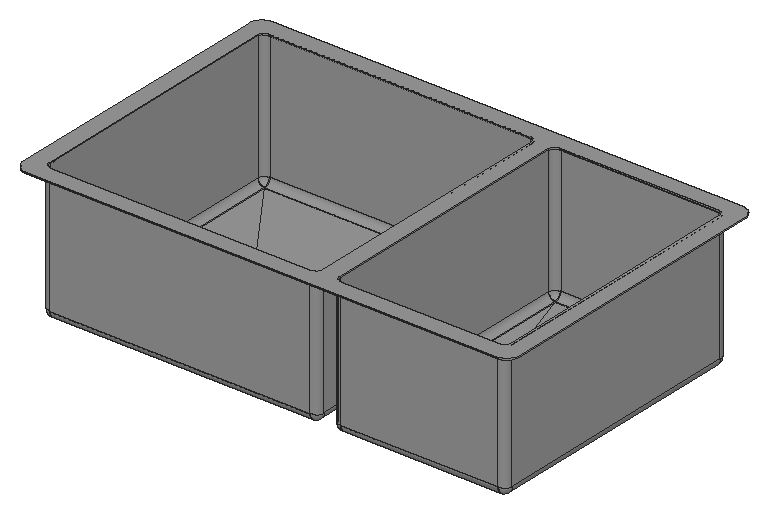
Revit family "BUILDMAT-SNA01011-Clifford-725-Stainless-Steel", category Plumbing Fixtures, host Face, Revit 2020
Family settings
  Host = Face
  Round Connector Dimension = Use Diameter
  Part Type = Normal
  Cut with Voids When Loaded = No
  Shared = No
  Room Calculation Point = No
Parameters (values of type "Clifford 725x450x205mm")
  Width 2 = 250.0 mm
  Width 1 = 400.0 mm
  Undermount [instance] = 20.0 mm
  URL = "https://www.buildmat.com.au/products/725x450x205-single-and-qtr-bowl-sink"
  Sound Pad 2 = no
  Sound Pad 1 = yes
  Model = "SNA01011"  # constant formula
  Manufacturer URL = "https://www.buildmat.com.au/"
  Manufacturer = "BUILDMAT"  # constant formula
  Length = 400.0 mm
  Gap = 25.0 mm
  Drain Sound Pad 2 = yes
  Drain Sound Pad 1 = yes
  Description = "BUILDMAT - Clifford 725x450 Single & 1/4 Bowl Sink"  # constant formula
  Depth = 205.0 mm
  Default Elevation = 1200.0 mm
  D. S. Pad 2 = 75.0 mm
  D. S. Pad 1 = 230.0 mm
  D. Bracket 4 = 100.0 mm
  D. Bracket 3 = 25.0 mm
  D. Bracket 2 = 30.0 mm
  D. Bracket 1 = 100.0 mm
  Created By URL = "https://www.buildmat.com.au/"
  Created By = "BUILDMAT"  # constant formula
  Created = "22.06.2022"  # constant formula
  Bracket 4 = yes
  Bracket 3 = no
  Bracket 2 = yes
  Bracket 1 = yes
  Material = BUILDMAT Stainless Steel
Reference planes
  plane 1 "Center (Front/Back)": y = 0
  plane 2: z = 0
  plane 3 "Center (Left/Right)": x = 0
  plane 4: x = -12.5
  plane 5: x = 12.5
  plane 6: x = -412.5
  plane 7: x = 262.5
  plane 8: y = -200
  plane 9: y = 200
  plane 10: x = -437.5
  plane 11: x = 287.5
  plane 12: y = -225
  plane 13: y = 225
  plane 14: x = 137.5
  plane 15: x = -212.5
  plane 16: y = 190
  plane 17: y = -190
  plane 18: x = -402.5
  plane 19: x = -22.5
  plane 20: x = 22.5
  plane 21: x = 252.5
  plane 22: y = 201.5
  plane 23: y = -201.5
  plane 24: x = -414
  plane 25: x = -11
  plane 26: x = 11
  plane 27: x = 264
  plane 28: x = -269.5
  plane 29: x = -155.5
  plane 30: x = -167.5
  plane 31: x = -257.5
  plane 32: x = 80.5
  plane 33: x = 92.5
  plane 34: x = 182.5
  plane 35: x = 194.5
  plane 36 "Sound Pad 1": x = -182.5
  plane 37 "Sound Pad 2": x = 187.5
  plane 38 "Top Substrate": z = -20
  plane 39: z = -18.5
  plane 40 "Bottom Void": z = -225
  plane 41: z = -215
  plane 42: z = -205
  plane 43: z = -220
  plane 44: z = -221.481
  plane 45: z = -216.5
  plane 46 "Sound Pad": z = -125
  plane 47 "Bracket 1": x = -312.5
  plane 48 "Bracket 2": x = -42.5
  plane 49 "Bracket 3": x = 37.5
  plane 50 "Bracket 4": x = 162.5
  plane 51: y = 100
  plane 52: y = -100
  plane 53: x = -312.5
  plane 54: x = -112.5
  plane 55: x = 37.5
  plane 56: x = 237.5
  plane 57: z = -185
  plane 58: z = -165
Forms (mm)
  Extrusion 1, void
    sketch origin (0, 0, 0) x (1, 0, 0) y (0, 1, 0)
      loop
        arc (-402.5, 200) -> (-409.571, 197.071) -> (-412.5, 190) r 10
        line (-412.5, 190) -> (-412.5, -190)
        arc (-412.5, -190) -> (-409.571, -197.071) -> (-402.5, -200) r 10
        line (-402.5, -200) -> (252.5, -200)
        arc (252.5, -200) -> (259.571, -197.071) -> (262.5, -190) r 10
        line (262.5, -190) -> (262.5, 190)
        arc (262.5, 190) -> (259.571, 197.071) -> (252.5, 200) r 10
        line (252.5, 200) -> (-402.5, 200)
    from 0 to -18.5
  Extrusion 2, void
    sketch origin (0, 0, 0) x (1, 0, 0) y (0, 1, 0)
      loop
        arc (-417.5, 225) -> (-431.642, 219.142) -> (-437.5, 205) r 20
        line (-437.5, 205) -> (-437.5, -205)
        arc (-437.5, -205) -> (-431.642, -219.142) -> (-417.5, -225) r 20
        line (-417.5, -225) -> (267.5, -225)
        arc (267.5, -225) -> (281.642, -219.142) -> (287.5, -205) r 20
        line (287.5, -205) -> (287.5, 205)
        arc (287.5, 205) -> (281.642, 219.142) -> (267.5, 225) r 20
        line (267.5, 225) -> (-417.5, 225)
    from -20 to -18.5
  Extrusion 3, void
    sketch origin (0, 0, 0) x (1, 0, 0) y (0, 1, 0)
      loop
        line (-414, 201.5) -> (-414, -201.5) -> (264, -201.5) -> (264, 201.5) -> (-414, 201.5)
    from -225 to -20
  Extrusion 4, solid, material "BUILDMAT Stainless Steel" <- "Material"
    sketch origin (0, 0, -20) x (-1, 0, 0) y (0, -1, 0)
      loop
        arc (417.5, -225) -> (431.642, -219.142) -> (437.5, -205) r 20
        line (437.5, -205) -> (437.5, 205)
        arc (437.5, 205) -> (431.642, 219.142) -> (417.5, 225) r 20
        line (417.5, 225) -> (-267.5, 225)
        arc (-267.5, 225) -> (-281.642, 219.142) -> (-287.5, 205) r 20
        line (-287.5, 205) -> (-287.5, -205)
        arc (-287.5, -205) -> (-281.642, -219.142) -> (-267.5, -225) r 20
        line (-267.5, -225) -> (417.5, -225)
      loop
        arc (402.5, -200) -> (409.571, -197.071) -> (412.5, -190) r 10
        line (412.5, -190) -> (412.5, 190)
        arc (412.5, 190) -> (409.571, 197.071) -> (402.5, 200) r 10
        line (402.5, 200) -> (22.5, 200)
        arc (22.5, 200) -> (15.429, 197.071) -> (12.5, 190) r 10
        line (12.5, 190) -> (12.5, -190)
        arc (12.5, -190) -> (15.429, -197.071) -> (22.5, -200) r 10
        line (22.5, -200) -> (402.5, -200)
      loop
        line (-12.5, -190) -> (-12.5, 190)
        arc (-12.5, 190) -> (-15.429, 197.071) -> (-22.5, 200) r 10
        line (-22.5, 200) -> (-252.5, 200)
        arc (-252.5, 200) -> (-259.571, 197.071) -> (-262.5, 190) r 10
        line (-262.5, 190) -> (-262.5, -190)
        arc (-262.5, -190) -> (-259.571, -197.071) -> (-252.5, -200) r 10
        line (-252.5, -200) -> (-22.5, -200)
        arc (-22.5, -200) -> (-15.429, -197.071) -> (-12.5, -190) r 10
    from 0 to 1.5
  Extrusion 5, solid, material "BUILDMAT Stainless Steel" <- "Material"
    sketch origin (0, 0, -20) x (-1, 0, 0) y (0, -1, 0)
      loop
        arc (402.5, -200) -> (409.571, -197.071) -> (412.5, -190) r 10
        line (412.5, -190) -> (412.5, 190)
        arc (412.5, 190) -> (409.571, 197.071) -> (402.5, 200) r 10
        line (402.5, 200) -> (22.5, 200)
        arc (22.5, 200) -> (15.429, 197.071) -> (12.5, 190) r 10
        line (12.5, 190) -> (12.5, -190)
        arc (12.5, -190) -> (15.429, -197.071) -> (22.5, -200) r 10
        line (22.5, -200) -> (402.5, -200)
      loop
        arc (402.5, -201.5) -> (410.632, -198.132) -> (414, -190) r 11.5
        line (414, -190) -> (414, 190)
        arc (414, 190) -> (410.632, 198.132) -> (402.5, 201.5) r 11.5
        line (402.5, 201.5) -> (22.5, 201.5)
        arc (22.5, 201.5) -> (14.368, 198.132) -> (11, 190) r 11.5
        line (11, 190) -> (11, -190)
        arc (11, -190) -> (14.368, -198.132) -> (22.5, -201.5) r 11.5
        line (22.5, -201.5) -> (402.5, -201.5)
    from 0 to -185
  Extrusion 6, solid, material "BUILDMAT Stainless Steel" <- "Material"
    sketch origin (0, 0, -20) x (-1, 0, 0) y (0, -1, 0)
      loop
        arc (-22.5, -200) -> (-15.429, -197.071) -> (-12.5, -190) r 10
        line (-12.5, -190) -> (-12.5, 190)
        arc (-12.5, 190) -> (-15.429, 197.071) -> (-22.5, 200) r 10
        line (-22.5, 200) -> (-252.5, 200)
        arc (-252.5, 200) -> (-259.571, 197.071) -> (-262.5, 190) r 10
        line (-262.5, 190) -> (-262.5, -190)
        arc (-262.5, -190) -> (-259.571, -197.071) -> (-252.5, -200) r 10
        line (-252.5, -200) -> (-22.5, -200)
      loop
        line (-11, -190) -> (-11, 190)
        arc (-11, 190) -> (-14.368, 198.132) -> (-22.5, 201.5) r 11.5
        line (-22.5, 201.5) -> (-252.5, 201.5)
        arc (-252.5, 201.5) -> (-260.632, 198.132) -> (-264, 190) r 11.5
        line (-264, 190) -> (-264, -190)
        arc (-264, -190) -> (-260.632, -198.132) -> (-252.5, -201.5) r 11.5
        line (-252.5, -201.5) -> (-22.5, -201.5)
        arc (-22.5, -201.5) -> (-14.368, -198.132) -> (-11, -190) r 11.5
    from 0 to -185
  Extrusion 7, solid, material "BUILDMAT Stainless Steel" <- "Material"
    sketch origin (0, 0, 0) x (1, 0, 0) y (0, 0, 1)
      loop
        line (-412.5, -205) -> (-414, -205)
        arc (-414, -205) -> (-410.632, -213.132) -> (-402.5, -216.5) r 11.5
        line (-402.5, -216.5) -> (-402.5, -215)
        arc (-402.5, -215) -> (-409.571, -212.071) -> (-412.5, -205) r 10
    from -190 to 190
  Extrusion 8, solid, material "BUILDMAT Stainless Steel" <- "Material"
    sketch origin (0, 0, 0) x (1, 0, 0) y (0, 0, 1)
      loop
        arc (-12.5, -205) -> (-15.429, -212.071) -> (-22.5, -215) r 10
        line (-22.5, -215) -> (-22.5, -216.5)
        arc (-22.5, -216.5) -> (-14.368, -213.132) -> (-11, -205) r 11.5
        line (-11, -205) -> (-12.5, -205)
    from -190 to 190
  Extrusion 9, solid, material "BUILDMAT Stainless Steel" <- "Material"
    sketch origin (0, 0, 0) x (1, 0, 0) y (0, 0, 1)
      loop
        line (12.5, -205) -> (11, -205)
        arc (11, -205) -> (14.368, -213.132) -> (22.5, -216.5) r 11.5
        line (22.5, -216.5) -> (22.5, -215)
        arc (22.5, -215) -> (15.429, -212.071) -> (12.5, -205) r 10
    from -190 to 190
  Extrusion 10, solid, material "BUILDMAT Stainless Steel" <- "Material"
    sketch origin (0, 0, 0) x (1, 0, 0) y (0, 0, 1)
      loop
        arc (262.5, -205) -> (259.571, -212.071) -> (252.5, -215) r 10
        line (252.5, -215) -> (252.5, -216.5)
        arc (252.5, -216.5) -> (260.632, -213.132) -> (264, -205) r 11.5
        line (264, -205) -> (262.5, -205)
    from -190 to 190
  Extrusion 11, solid, material "BUILDMAT Stainless Steel" <- "Material"
    sketch origin (0, 0, 0) x (0, 1, 0) y (0, 0, 1)
      loop
        line (201.5, -205) -> (200, -205)
        arc (200, -205) -> (197.071, -212.071) -> (190, -215) r 10
        line (190, -215) -> (190, -216.5)
        arc (190, -216.5) -> (198.132, -213.132) -> (201.5, -205) r 11.5
    from 22.5 to 252.5
  Extrusion 12, solid, material "BUILDMAT Stainless Steel" <- "Material"
    sketch origin (0, 0, 0) x (0, 1, 0) y (0, 0, 1)
      loop
        line (-200, -205) -> (-201.5, -205)
        arc (-201.5, -205) -> (-198.132, -213.132) -> (-190, -216.5) r 11.5
        line (-190, -216.5) -> (-190, -215)
        arc (-190, -215) -> (-197.071, -212.071) -> (-200, -205) r 10
    from 22.5 to 252.5
  Extrusion 13, solid, material "BUILDMAT Stainless Steel" <- "Material"
    sketch origin (0, 0, 0) x (0, 1, 0) y (0, 0, 1)
      loop
        arc (200, -205) -> (197.071, -212.071) -> (190, -215) r 10
        line (190, -215) -> (190, -216.5)
        arc (190, -216.5) -> (198.132, -213.132) -> (201.5, -205) r 11.5
        line (201.5, -205) -> (200, -205)
    from -402.5 to -22.5
  Extrusion 14, solid, material "BUILDMAT Stainless Steel" <- "Material"
    sketch origin (0, 0, 0) x (0, 1, 0) y (0, 0, 1)
      loop
        line (-200, -205) -> (-201.5, -205)
        arc (-201.5, -205) -> (-198.132, -213.132) -> (-190, -216.5) r 11.5
        line (-190, -216.5) -> (-190, -215)
        arc (-190, -215) -> (-197.071, -212.071) -> (-200, -205) r 10
    from -402.5 to -22.5
  Revolve 15, solid, material "BUILDMAT Stainless Steel" <- "Material"
    sketch origin (-423.435, 190, 4000) x (-1, 0, 0) y (0, 0, 1)
      loop
        arc (-10.935, -4205) -> (-13.864, -4212.071) -> (-20.935, -4215) r 10
        line (-20.935, -4215) -> (-20.935, -4216.5)
        arc (-20.935, -4216.5) -> (-12.804, -4213.132) -> (-9.435, -4205) r 11.5
        line (-9.435, -4205) -> (-10.935, -4205)
      axis (-20.935, -4205) -> (-20.935, -4216.5)
    angle from -90 to 0
  Revolve 16, solid, material "BUILDMAT Stainless Steel" <- "Material"
    sketch origin (-423.435, 190, 4000) x (-1, 0, 0) y (0, 0, 1)
      loop
        line (-410.935, -4205) -> (-412.435, -4205)
        arc (-412.435, -4205) -> (-409.067, -4213.132) -> (-400.935, -4216.5) r 11.5
        line (-400.935, -4216.5) -> (-400.935, -4215)
        arc (-400.935, -4215) -> (-408.006, -4212.071) -> (-410.935, -4205) r 10
      axis (-400.935, -4205) -> (-400.935, -4216.5)
    angle from -90 to 0
  Revolve 17, solid, material "BUILDMAT Stainless Steel" <- "Material"
    sketch origin (-423.435, 190, 4000) x (-1, 0, 0) y (0, 0, 1)
      loop
        arc (-435.935, -4205) -> (-438.864, -4212.071) -> (-445.935, -4215) r 10
        line (-445.935, -4215) -> (-445.935, -4216.5)
        arc (-445.935, -4216.5) -> (-437.804, -4213.132) -> (-434.435, -4205) r 11.5
        line (-434.435, -4205) -> (-435.935, -4205)
      axis (-445.935, -4205) -> (-445.935, -4216.5)
    angle from -90 to 0
  Revolve 18, solid, material "BUILDMAT Stainless Steel" <- "Material"
    sketch origin (-423.435, 190, 4000) x (-1, 0, 0) y (0, 0, 1)
      loop
        line (-685.935, -4205) -> (-687.435, -4205)
        arc (-687.435, -4205) -> (-684.067, -4213.132) -> (-675.935, -4216.5) r 11.5
        line (-675.935, -4216.5) -> (-675.935, -4215)
        arc (-675.935, -4215) -> (-683.006, -4212.071) -> (-685.935, -4205) r 10
      axis (-675.935, -4205) -> (-675.935, -4216.5)
    angle from -90 to 0
  Revolve 19, solid, material "BUILDMAT Stainless Steel" <- "Material"
    sketch origin (-423.435, -190, 4000) x (-1, 0, 0) y (0, 0, 1)
      loop
        arc (-10.935, -4205) -> (-13.864, -4212.071) -> (-20.935, -4215) r 10
        line (-20.935, -4215) -> (-20.935, -4216.5)
        arc (-20.935, -4216.5) -> (-12.804, -4213.132) -> (-9.435, -4205) r 11.5
        line (-9.435, -4205) -> (-10.935, -4205)
      axis (-20.935, -4205) -> (-20.935, -4216.5)
    angle from 0 to 90
  Revolve 20, solid, material "BUILDMAT Stainless Steel" <- "Material"
    sketch origin (-423.435, -190, 4000) x (-1, 0, 0) y (0, 0, 1)
      loop
        arc (-412.435, -4205) -> (-409.067, -4213.132) -> (-400.935, -4216.5) r 11.5
        line (-400.935, -4216.5) -> (-400.935, -4215)
        arc (-400.935, -4215) -> (-408.006, -4212.071) -> (-410.935, -4205) r 10
        line (-410.935, -4205) -> (-412.435, -4205)
      axis (-400.935, -4205) -> (-400.935, -4216.5)
    angle from 0 to 90
  Revolve 21, solid, material "BUILDMAT Stainless Steel" <- "Material"
    sketch origin (-423.435, -190, 4000) x (-1, 0, 0) y (0, 0, 1)
      loop
        line (-434.435, -4205) -> (-435.935, -4205)
        arc (-435.935, -4205) -> (-438.864, -4212.071) -> (-445.935, -4215) r 10
        line (-445.935, -4215) -> (-445.935, -4216.5)
        arc (-445.935, -4216.5) -> (-437.804, -4213.132) -> (-434.435, -4205) r 11.5
      axis (-445.935, -4205) -> (-445.935, -4216.5)
    angle from 0 to 90
  Revolve 22, solid, material "BUILDMAT Stainless Steel" <- "Material"
    sketch origin (-423.435, -190, 4000) x (-1, 0, 0) y (0, 0, 1)
      loop
        arc (-687.435, -4205) -> (-684.067, -4213.132) -> (-675.935, -4216.5) r 11.5
        line (-675.935, -4216.5) -> (-675.935, -4215)
        arc (-675.935, -4215) -> (-683.006, -4212.071) -> (-685.935, -4205) r 10
        line (-685.935, -4205) -> (-687.435, -4205)
      axis (-675.935, -4205) -> (-675.935, -4216.5)
    angle from 0 to 90
  Extrusion 23, solid, material "BUILDMAT Stainless Steel" <- "Material"
    sketch origin (0, 0, -20) x (-1, 0, 0) y (0, -1, 0)
      loop
        line (22.5, -190) -> (402.5, -190) -> (402.5, 190) -> (22.5, 190) -> (22.5, -190)
    from -196.5 to -195
  Extrusion 24, solid, material "BUILDMAT Stainless Steel" <- "Material"
    sketch origin (0, 0, -20) x (-1, 0, 0) y (0, -1, 0)
      loop
        line (-22.5, -190) -> (-22.5, 190) -> (-252.5, 190) -> (-252.5, -190) -> (-22.5, -190)
    from -196.5 to -195
  Blend 25, solid, material "BUILDMAT Stainless Steel" <- "Material"
    base sketch origin (0, 0, -20) x (-1, 0, 0) y (0, -1, 0)
      loop
        circle (212.5, 0) r 57
    top sketch origin (0, 0, -20) x (-1, 0, 0) y (0, -1, 0)
      loop
        line (402.5, -190) -> (402.5, 190) -> (22.5, 190) -> (22.5, -190) -> (402.5, -190)
    from -201.481 to -196.5
  Blend 26, solid, material "BUILDMAT Stainless Steel" <- "Material"
    base sketch origin (0, 0, -20) x (-1, 0, 0) y (0, -1, 0)
      loop
        circle (-137.5, 0) r 57
    top sketch origin (0, 0, -20) x (-1, 0, 0) y (0, -1, 0)
      loop
        line (-22.5, -190) -> (-22.5, 190) -> (-252.5, 190) -> (-252.5, -190) -> (-22.5, -190)
    from -201.481 to -196.5
  Blend 27, void
    base sketch origin (0, 0, -20) x (-1, 0, 0) y (0, -1, 0)
      loop
        circle (212.5, 0) r 57
    top sketch origin (0, 0, -20) x (-1, 0, 0) y (0, -1, 0)
      loop
        line (402.5, -190) -> (402.5, 190) -> (22.5, 190) -> (22.5, -190) -> (402.5, -190)
    from -200 to -195
  Blend 28, void
    base sketch origin (0, 0, -20) x (-1, 0, 0) y (0, -1, 0)
      loop
        circle (-137.5, 0) r 57
    top sketch origin (0, 0, -20) x (-1, 0, 0) y (0, -1, 0)
      loop
        line (-22.5, -190) -> (-22.5, 190) -> (-252.5, 190) -> (-252.5, -190) -> (-22.5, -190)
    from -200 to -195
  Extrusion 29, void
    sketch origin (0, 0, -225) x (-1, 0, 0) y (0, -1, 0)
      loop
        circle (212.5, 0) r 57
    from 0 to 5
  Extrusion 30, void
    sketch origin (0, 0, -225) x (-1, 0, 0) y (0, -1, 0)
      loop
        circle (-137.5, 0) r 57
    from 0 to 5
  Revolve 31, solid, material "BUILDMAT Stainless Steel" <- "Material"
    sketch origin (0, 0, 0) x (1, 0, 0) y (0, 0, 1)
      loop
        spline (-269.5, -220) -> (-269.397, -220.653) -> (-269.091, -221.294) -> (-268.587, -221.913) -> (-267.892, -222.5) -> (-267.02, -223.044) -> (-265.985, -223.536) -> (-264.805, -223.967) -> (-263.5, -224.33) -> (-262.092, -224.619) -> (-260.606, -224.83) -> (-259.066, -224.957) -> (-257.5, -225)
        line (-257.5, -225) -> (-257.5, -223.5)
        spline (-257.5, -223.5) -> (-258.871, -223.47) -> (-260.218, -223.381) -> (-261.518, -223.234) -> (-262.75, -223.031) -> (-263.892, -222.777) -> (-264.925, -222.475) -> (-265.83, -222.131) -> (-266.593, -221.75) -> (-267.201, -221.339) -> (-267.642, -220.906) -> (-267.91, -220.457) -> (-268, -220)
        line (-268, -220) -> (-269.5, -220)
      axis (-212.5, -225) -> (-212.5, -220)
    angle from 0 to 360
  Revolve 32, solid, material "BUILDMAT Stainless Steel" <- "Material"
    sketch origin (0, 0, 0) x (1, 0, 0) y (0, 0, 1)
      loop
        line (194.5, -220) -> (193, -220)
        spline (193, -220) -> (192.91, -220.457) -> (192.642, -220.906) -> (192.201, -221.339) -> (191.593, -221.75) -> (190.83, -222.131) -> (189.925, -222.475) -> (188.892, -222.777) -> (187.75, -223.031) -> (186.518, -223.234) -> (185.218, -223.381) -> (183.871, -223.47) -> (182.5, -223.5)
        line (182.5, -223.5) -> (182.5, -225)
        spline (182.5, -225) -> (184.066, -224.957) -> (185.606, -224.83) -> (187.092, -224.619) -> (188.5, -224.33) -> (189.805, -223.967) -> (190.985, -223.536) -> (192.02, -223.044) -> (192.892, -222.5) -> (193.587, -221.913) -> (194.091, -221.294) -> (194.397, -220.653) -> (194.5, -220)
      axis (137.5, -220) -> (137.5, -225)
    angle from 0 to 360
Cuts and joins
  Blend 27, Extrusion 29 cuts Extrusion 23
  Blend 27, Extrusion 29 cuts Blend 25
  joined: Extrusion 23, Blend 25
  Blend 28, Extrusion 30 cuts Extrusion 24
  Blend 28, Extrusion 30 cuts Blend 26
  joined: Extrusion 24, Blend 26
Lines and regions (mm)
  Masking region 1
    outline origin (0, 0, 0) x (1, 0, 0) y (0, 0, 1)
      loop
        line (-412.5, -20) -> (-412.5, -205)
        arc (-412.5, -205) -> (-409.571, -212.071) -> (-402.5, -215) r 10
        line (-402.5, -215) -> (-269.5, -220) -> (-155.5, -220) -> (-22.5, -215)
        arc (-22.5, -215) -> (-15.429, -212.071) -> (-12.5, -205) r 10
        line (-12.5, -205) -> (-12.5, -20) -> (-412.5, -20)
  Masking region 2
    outline origin (0, 0, 0) x (1, 0, 0) y (0, 0, 1)
      loop
        line (12.5, -20) -> (12.5, -205)
        arc (12.5, -205) -> (14.848, -211.438) -> (20.789, -214.852) r 10
        line (20.789, -214.852) -> (80.5, -220) -> (194.5, -220) -> (252.5, -215)
        arc (252.5, -215) -> (259.571, -212.071) -> (262.5, -205) r 10
        line (262.5, -205) -> (262.5, -20) -> (12.5, -20)
  Masking region 3, visible <- "Drain Sound Pad 1"
    outline origin (0, 0, 0) x (1, 0, 0) y (0, 0, 1)
      loop
        line (-269.5, -221.481) -> (-312.5, -219.871) -> (-312.5, -225) -> (-269.5, -225) -> (-269.5, -221.481)
  Masking region 4, visible <- "Drain Sound Pad 1"
    outline origin (0, 0, 0) x (1, 0, 0) y (0, 0, 1)
      loop
        line (-155.5, -221.481) -> (-155.5, -225) -> (-112.5, -225) -> (-112.5, -219.871) -> (-155.5, -221.481)
  Masking region 5, visible <- "Drain Sound Pad 2"
    outline origin (0, 0, 0) x (1, 0, 0) y (0, 0, 1)
      loop
        line (37.5, -217.788) -> (37.5, -225) -> (80.5, -225) -> (80.5, -221.481) -> (37.5, -217.788)
  Masking region 6, visible <- "Drain Sound Pad 2"
    outline origin (0, 0, 0) x (1, 0, 0) y (0, 0, 1)
      loop
        line (237.5, -217.788) -> (194.5, -221.481) -> (194.5, -225) -> (237.5, -225) -> (237.5, -217.788)
  Masking region 7
    outline origin (0, 0, 0) x (1, 0, 0) y (0, 0, 1)
      loop
        line (-11, -165) -> (-11, -185) -> (11, -185) -> (11, -165) -> (-11, -165)
Text (mm)
  text "Refer to www.buildmat.com.au for the most current product literature. \nAllow a +/- 5mm tolerance for dimensions shown in the product literature. \nPlease note product details are subject to change due to ongoing product development." at (0.056, -1035.857, 0), in view "Ref. Level"
Dimensions and locks
  equal spacing: plane 4, plane 3 "Center (Left/Right)", plane 5
  "Gap": plane 4 to plane 5
  "Width 1": plane 6 to plane 4
  "Width 2": plane 5 to plane 7
  equal spacing: plane 9, plane 1 "Center (Front/Back)", plane 8
  "Length": plane 8 to plane 9
  locked: plane 10 to plane 6 at 25
  locked: plane 7 to plane 11 at 25
  locked: plane 13 to plane 9 at 25
  locked: plane 8 to plane 12 at 25
  equal spacing: plane 5, plane 14, plane 7
  equal spacing: plane 6, plane 15, plane 4
  locked: plane 9 to plane 16 at 10
  locked: plane 17 to plane 8 at 10
  locked: plane 6 to plane 18 at 10
  locked: plane 19 to plane 4 at 10
  locked: plane 5 to plane 20 at 10
  locked: plane 21 to plane 7 at 10
  locked: plane 8 to plane 23 at 1.5
  locked: plane 22 to plane 9 at 1.5
  locked: plane 24 to plane 6 at 1.5
  locked: plane 4 to plane 25 at 1.5
  locked: plane 26 to plane 5 at 1.5
  locked: plane 7 to plane 27 at 1.5
  plane 28 to plane 15 to plane 29 = 57.0 mm locked, 57.0 mm locked
  plane 31 to plane 15 to plane 30 = 45.0 mm locked, 45.0 mm locked
  plane 32 to plane 14 to plane 35 = 57.0 mm locked, 57.0 mm locked
  plane 33 to plane 14 to plane 34 = 45.0 mm locked, 45.0 mm locked
  locked: plane 39 to plane 38 "Top Substrate" at 1.5
  plane 42 to plane 41 to plane 40 "Bottom Void" = 10.0 mm locked, 10.0 mm locked
  locked: plane 43 to plane 40 "Bottom Void" at 5
  locked: plane 43 to plane 44 at 1.481
  locked: plane 41 to plane 45 at 1.5
  locked: plane 46 "Sound Pad" to plane 40 "Bottom Void" at 100
  "Depth": plane 38 "Top Substrate" to plane 40 "Bottom Void"
  "Undermount": plane 2 to plane 38 "Top Substrate"
  "D. S. Pad 1": plane 36 "Sound Pad 1" to plane 6
  "D. S. Pad 2": plane 7 to plane 37 "Sound Pad 2"
  "D. Bracket 1": plane 47 "Bracket 1" to plane 6
  "D. Bracket 2": plane 4 to plane 48 "Bracket 2"
  "D. Bracket 3": plane 49 "Bracket 3" to plane 5
  "D. Bracket 4": plane 7 to plane 50 "Bracket 4"
  locked: plane 9 to plane 51 at 100
  locked: plane 52 to plane 8 at 100
  plane 54 to plane 15 to plane 53 = 100.0 mm locked, 100.0 mm locked
  plane 56 to plane 14 to plane 55 = 100.0 mm locked, 100.0 mm locked
  plane 58 to plane 57 to plane 42 = 20.0 mm locked, 20.0 mm locked
  aligned and locked: plane 2 to host face
  aligned and locked: level to host face
  aligned and locked: Extrusion 1 sketch curve to plane 9
  aligned and locked: Extrusion 1 sketch curve to plane 6
  aligned and locked: Extrusion 1 sketch curve to plane 7
  aligned and locked: Extrusion 1 sketch curve to plane 8
  aligned and locked: Extrusion 1 to level
  aligned and locked: Extrusion 1 to plane 39
  aligned and locked: Extrusion 2 sketch curve to plane 13
  aligned and locked: Extrusion 2 sketch curve to plane 10
  aligned and locked: Extrusion 2 sketch curve to plane 11
  aligned and locked: Extrusion 2 sketch curve to plane 12
  aligned and locked: Extrusion 2 to plane 38 "Top Substrate"
  aligned and locked: plane 39 to Extrusion 2
  aligned and locked: Extrusion 3 sketch curve to plane 22
  aligned and locked: Extrusion 3 sketch curve to plane 24
  aligned and locked: Extrusion 3 sketch curve to plane 27
  aligned and locked: Extrusion 3 sketch curve to plane 23
  aligned and locked: Extrusion 3 to plane 40 "Bottom Void"
  aligned and locked: plane 38 "Top Substrate" to Extrusion 3
  aligned and locked: Extrusion 4 sketch curve to plane 13
  aligned and locked: Extrusion 4 sketch curve to plane 10
  aligned and locked: Extrusion 4 sketch curve to plane 11
  aligned and locked: Extrusion 4 sketch curve to plane 12
  aligned and locked: Extrusion 4 sketch curve to plane 9  (x2)
  aligned and locked: Extrusion 4 sketch curve to plane 6
  aligned and locked: Extrusion 4 sketch curve to plane 8  (x2)
  aligned and locked: Extrusion 4 sketch curve to plane 4
  aligned and locked: Extrusion 4 sketch curve to plane 5
  aligned and locked: Extrusion 4 sketch curve to plane 7
  aligned and locked: Extrusion 4 to plane 38 "Top Substrate"
  aligned and locked: plane 39 to Extrusion 4
  aligned and locked: Extrusion 5 sketch curve to plane 9
  aligned and locked: Extrusion 5 sketch curve to plane 22
  aligned and locked: Extrusion 5 sketch curve to plane 6
  aligned and locked: Extrusion 5 sketch curve to plane 24
  aligned and locked: Extrusion 5 sketch curve to plane 25
  aligned and locked: Extrusion 5 sketch curve to plane 4
  aligned and locked: Extrusion 5 sketch curve to plane 23
  aligned and locked: Extrusion 5 sketch curve to plane 8
  aligned and locked: Extrusion 5 to plane 42
  aligned and locked: plane 38 "Top Substrate" to Extrusion 5
  aligned and locked: Extrusion 6 sketch curve to plane 9
  aligned and locked: Extrusion 6 sketch curve to plane 7
  aligned and locked: Extrusion 6 sketch curve to plane 8
  aligned and locked: Extrusion 6 sketch curve to plane 5
  aligned and locked: Extrusion 6 sketch curve to plane 26
  aligned and locked: Extrusion 6 sketch curve to plane 27
  aligned and locked: Extrusion 6 sketch curve to plane 22
  aligned and locked: Extrusion 6 sketch curve to plane 23
  aligned and locked: Extrusion 6 to plane 42
  aligned and locked: plane 38 "Top Substrate" to Extrusion 6
  aligned and locked: Extrusion 7 sketch curve to plane 42
  aligned and locked: Extrusion 7 sketch curve to plane 18
  aligned and locked: Extrusion 8 sketch curve to plane 42
  aligned and locked: Extrusion 8 sketch curve to plane 19
  aligned and locked: Extrusion 9 sketch curve to plane 42
  aligned and locked: Extrusion 9 sketch curve to plane 20
  aligned and locked: Extrusion 10 sketch curve to plane 21
  aligned and locked: Extrusion 10 sketch curve to plane 42
  aligned and locked: plane 16 to Extrusion 10
  aligned and locked: plane 16 to Extrusion 9
  aligned and locked: plane 16 to Extrusion 8
  aligned and locked: plane 16 to Extrusion 7
  aligned and locked: Extrusion 10 to plane 17
  aligned and locked: Extrusion 9 to plane 17
  aligned and locked: Extrusion 8 to plane 17
  aligned and locked: Extrusion 7 to plane 17
  aligned and locked: plane 42 to Extrusion 11 sketch curve
  aligned and locked: plane 16 to Extrusion 11 sketch curve
  aligned and locked: plane 17 to Extrusion 12 sketch curve
  aligned and locked: plane 42 to Extrusion 12 sketch curve
  aligned and locked: plane 21 to Extrusion 11
  aligned and locked: plane 21 to Extrusion 12
  aligned and locked: Extrusion 11 to plane 20
  aligned and locked: Extrusion 12 to plane 20
  aligned and locked: plane 16 to Extrusion 13 sketch curve
  aligned and locked: plane 42 to Extrusion 13 sketch curve
  aligned and locked: plane 17 to Extrusion 14 sketch curve
  aligned and locked: plane 42 to Extrusion 14 sketch curve
  aligned and locked: Extrusion 14 to plane 18
  aligned and locked: plane 19 to Extrusion 14
  aligned and locked: Extrusion 13 to plane 18
  aligned and locked: plane 19 to Extrusion 13
  aligned and locked: Revolve 15 sketch curve to plane 18
  aligned and locked: plane 42 to Revolve 15 sketch curve
  aligned and locked: plane 18 to Revolve 15 sketch curve
  aligned and locked: plane 18 to Revolve 15
  aligned and locked: plane 16 to Revolve 15
  aligned and locked: Revolve 16 sketch curve to plane 19
  aligned and locked: plane 19 to Revolve 16 sketch curve
  aligned and locked: plane 42 to Revolve 16 sketch curve
  aligned and locked: Revolve 16 to plane 19
  aligned and locked: plane 16 to Revolve 16
  aligned and locked: Revolve 17 sketch curve to plane 20
  aligned and locked: plane 42 to Revolve 17 sketch curve
  aligned and locked: plane 20 to Revolve 17 sketch curve
  aligned and locked: plane 20 to Revolve 17
  aligned and locked: plane 16 to Revolve 17
  aligned and locked: Revolve 18 sketch curve to plane 21
  aligned and locked: plane 21 to Revolve 18 sketch curve
  aligned and locked: plane 42 to Revolve 18 sketch curve
  aligned and locked: Revolve 18 to plane 21
  aligned and locked: plane 16 to Revolve 18
  aligned and locked: Revolve 19 sketch curve to plane 18
  aligned and locked: plane 42 to Revolve 19 sketch curve
  aligned and locked: plane 18 to Revolve 19 sketch curve
  aligned and locked: Revolve 19 to plane 18
  aligned and locked: plane 17 to Revolve 19
  aligned and locked: Revolve 20 sketch curve to plane 19
  aligned and locked: plane 42 to Revolve 20 sketch curve
  aligned and locked: plane 19 to Revolve 20 sketch curve
  aligned and locked: plane 19 to Revolve 20
  aligned and locked: plane 17 to Revolve 20
  aligned and locked: Revolve 21 sketch curve to plane 20
  aligned and locked: plane 42 to Revolve 21 sketch curve
  aligned and locked: plane 20 to Revolve 21 sketch curve
  aligned and locked: Revolve 21 to plane 20
  aligned and locked: plane 17 to Revolve 21
  aligned and locked: Revolve 22 sketch curve to plane 21
  aligned and locked: plane 42 to Revolve 22 sketch curve
  aligned and locked: plane 21 to Revolve 22 sketch curve
  aligned and locked: plane 17 to Revolve 22
  aligned and locked: plane 21 to Revolve 22
  aligned and locked: Extrusion 23 sketch curve to plane 19
  aligned and locked: Extrusion 23 sketch curve to plane 18
  aligned and locked: Extrusion 23 sketch curve to plane 16
  aligned and locked: Extrusion 23 sketch curve to plane 17
  aligned and locked: Extrusion 23 to plane 45
  aligned and locked: plane 41 to Extrusion 23
  aligned and locked: Extrusion 24 sketch curve to plane 16
  aligned and locked: Extrusion 24 sketch curve to plane 17
  aligned and locked: Extrusion 24 sketch curve to plane 21
  aligned and locked: Extrusion 24 sketch curve to plane 20
  aligned and locked: Extrusion 24 to plane 45
  aligned and locked: plane 41 to Extrusion 24
  aligned and locked: plane 44 to Blend 25
  aligned and locked: plane 45 to Blend 25
  aligned and locked: plane 44 to Blend 26
  aligned and locked: Blend 26 to plane 45
  aligned and locked: Blend 25 sketch curve to plane 16
  aligned and locked: Blend 25 sketch curve to plane 17
  aligned and locked: Blend 25 sketch curve to plane 18
  aligned and locked: Blend 25 sketch curve to plane 19
  aligned and locked: Blend 26 sketch curve to plane 16
  aligned and locked: Blend 26 sketch curve to plane 17
  aligned and locked: Blend 26 sketch curve to plane 21
  aligned and locked: Blend 26 sketch curve to plane 20
  aligned and locked: Blend 27 sketch curve to plane 16
  aligned and locked: Blend 27 sketch curve to plane 17
  aligned and locked: Blend 27 sketch curve to plane 18
  aligned and locked: Blend 27 sketch curve to plane 19
  aligned and locked: Blend 27 to plane 43
  aligned and locked: plane 41 to Blend 27
  aligned and locked: Blend 28 sketch curve to plane 16
  aligned and locked: Blend 28 sketch curve to plane 17
  aligned and locked: Blend 28 sketch curve to plane 21
  aligned and locked: Blend 28 sketch curve to plane 20
  aligned and locked: Blend 28 to plane 43
  aligned and locked: plane 41 to Blend 28
  aligned and locked: Extrusion 29 to plane 40 "Bottom Void"
  aligned and locked: plane 43 to Extrusion 29
  aligned and locked: Extrusion 30 to plane 40 "Bottom Void"
  aligned and locked: plane 43 to Extrusion 30
  aligned and locked: plane 15 to Revolve 31 sketch curve
  aligned and locked: Revolve 31 sketch curve to plane 43
  aligned and locked: plane 31 to Revolve 31 sketch curve
  aligned and locked: Revolve 32 sketch curve to plane 14
  aligned and locked: plane 34 to Revolve 32 sketch curve
  aligned and locked: plane 43 to Revolve 32 sketch curve
  aligned and locked: plane 18 to nested 1
  aligned and locked: plane 19 to nested 1
  aligned and locked: plane 17 to nested 1
  aligned and locked: plane 16 to nested 1
  aligned and locked: plane 20 to nested 2
  aligned and locked: plane 21 to nested 2
  aligned and locked: plane 17 to nested 2
  aligned and locked: plane 16 to nested 2
  aligned and locked: plane 14 to nested 4
  aligned and locked: plane 15 to nested 3
  aligned and locked: plane 1 "Center (Front/Back)" to nested 3
  aligned and locked: plane 1 "Center (Front/Back)" to nested 4
  aligned and locked: plane 51 to nested 5
  aligned and locked: plane 24 to nested 5
  aligned and locked: plane 52 to nested 6
  aligned and locked: plane 24 to nested 6
  aligned and locked: plane 51 to nested 7
  aligned and locked: plane 52 to nested 8
  aligned and locked: nested 8 to plane 27
  aligned and locked: nested 7 to plane 27
  aligned and locked: nested 13 to plane 47 "Bracket 1"
  aligned and locked: nested 14 to plane 48 "Bracket 2"
  aligned and locked: plane 23 to nested 13
  aligned and locked: plane 23 to nested 14
  aligned and locked: nested 15 to plane 49 "Bracket 3"
  aligned and locked: plane 23 to nested 15
  aligned and locked: nested 16 to plane 50 "Bracket 4"
  aligned and locked: plane 23 to nested 16
  aligned and locked: plane 47 "Bracket 1" to nested 9
  aligned and locked: nested 9 to plane 22
  aligned and locked: plane 48 "Bracket 2" to nested 10
  aligned and locked: nested 10 to plane 22
  aligned and locked: plane 49 "Bracket 3" to nested 11
  aligned and locked: plane 50 "Bracket 4" to nested 12
  aligned and locked: nested 12 to plane 22
  aligned and locked: nested 11 to plane 22
  aligned and locked: Masking region 1 sketch curve to plane 38 "Top Substrate"
  aligned and locked: Masking region 1 sketch curve to plane 6
  aligned and locked: Masking region 1 sketch curve to plane 4
  aligned and locked: Masking region 1 sketch curve to Extrusion 7
  aligned and locked: Masking region 1 sketch curve to Extrusion 8
  aligned and locked: Masking region 1 sketch curve to plane 43
  aligned and locked: Masking region 1 sketch curve to cut or joined group of Extrusion 23, Blend 25, Blend 27, Extrusion 29  (x2)
  aligned and locked: Masking region 2 sketch curve to plane 38 "Top Substrate"
  aligned and locked: Masking region 2 sketch curve to plane 43
  aligned and locked: Masking region 2 sketch curve to plane 7
  aligned and locked: Masking region 2 sketch curve to plane 5
  aligned and locked: Masking region 2 sketch curve to Extrusion 9
  aligned and locked: Masking region 2 sketch curve to cut or joined group of Extrusion 24, Blend 26, Blend 28, Extrusion 30  (x2)
  aligned and locked: Masking region 2 sketch curve to Extrusion 10
  aligned and locked: nested 17 to plane 38 "Top Substrate"
  aligned and locked: plane 47 "Bracket 1" to nested 17
  aligned and locked: nested 18 to plane 38 "Top Substrate"
  aligned and locked: plane 48 "Bracket 2" to nested 18
  aligned and locked: nested 20 to plane 38 "Top Substrate"
  aligned and locked: plane 50 "Bracket 4" to nested 20
  aligned and locked: nested 19 to plane 38 "Top Substrate"
  aligned and locked: plane 49 "Bracket 3" to nested 19
  aligned and locked: nested 21 to plane 46 "Sound Pad"
  aligned and locked: plane 36 "Sound Pad 1" to nested 21
  aligned and locked: nested 22 to plane 46 "Sound Pad"
  aligned and locked: plane 37 "Sound Pad 2" to nested 22
  aligned and locked: Masking region 3 sketch curve to plane 28
  aligned and locked: cut or joined group of Extrusion 23, Blend 25, Blend 27, Extrusion 29 to Masking region 3 sketch curve
  aligned and locked: Masking region 3 sketch curve to plane 40 "Bottom Void"
  aligned and locked: Masking region 3 sketch curve to plane 53
  aligned and locked: Masking region 4 sketch curve to plane 29
  aligned and locked: Masking region 4 sketch curve to plane 54
  aligned and locked: Masking region 4 sketch curve to plane 40 "Bottom Void"
  aligned and locked: Masking region 4 sketch curve to cut or joined group of Extrusion 23, Blend 25, Blend 27, Extrusion 29
  aligned and locked: cut or joined group of Extrusion 24, Blend 26, Blend 28, Extrusion 30 to Masking region 5 sketch curve
  aligned and locked: Masking region 5 sketch curve to plane 55
  aligned and locked: Masking region 5 sketch curve to plane 32
  aligned and locked: Masking region 5 sketch curve to plane 40 "Bottom Void"
  aligned and locked: Masking region 6 sketch curve to plane 56
  aligned and locked: Masking region 6 sketch curve to plane 35
  aligned and locked: Masking region 6 sketch curve to cut or joined group of Extrusion 24, Blend 26, Blend 28, Extrusion 30
  aligned and locked: Masking region 6 sketch curve to plane 40 "Bottom Void"
  aligned and locked: Masking region 7 sketch curve to plane 58
  aligned and locked: Masking region 7 sketch curve to plane 57
  aligned and locked: Masking region 7 sketch curve to plane 25
  aligned and locked: Masking region 7 sketch curve to plane 26
Automatic sketch dimensions
  host sketch curve to host sketch curve = 2438.4 mm  (x2)
  Extrusion 1 sketch curve to plane 17 = 0.0 mm
  Extrusion 1 sketch curve to plane 18 = 0.0 mm
  Extrusion 1 sketch curve to plane 21 = 0.0 mm
  Extrusion 1 sketch curve to plane 16 = 0.0 mm
  Extrusion 2 sketch curve to plane 24 = 3.5 mm
  Extrusion 2 sketch curve to plane 23 = 3.5 mm
  plane 22 to Extrusion 2 sketch curve = 3.5 mm
  plane 27 to Extrusion 2 sketch curve = 3.5 mm
  Extrusion 4 sketch curve to plane 21 = 0.0 mm
  Extrusion 4 sketch curve to plane 16 = 0.0 mm  (x2)
  Extrusion 4 sketch curve to plane 20 = 0.0 mm
  Extrusion 4 sketch curve to plane 19 = 0.0 mm  (x2)
  Extrusion 4 sketch curve to plane 18 = 0.0 mm  (x2)
  plane 27 to Extrusion 4 sketch curve = 3.5 mm  (x2)
  Extrusion 4 sketch curve to plane 24 = 3.5 mm
  plane 22 to Extrusion 4 sketch curve = 3.5 mm
  Extrusion 5 sketch curve to plane 19 = 0.0 mm
  Extrusion 5 sketch curve to plane 18 = 0.0 mm  (x2)
  Extrusion 5 sketch curve to plane 17 = 0.0 mm
  Extrusion 5 sketch curve to Extrusion 5 sketch curve = 0.0 mm  (x4)
  Extrusion 6 sketch curve to plane 21 = 0.0 mm
  Extrusion 6 sketch curve to plane 20 = 0.0 mm  (x2)
  Extrusion 6 sketch curve to plane 16 = 0.0 mm
  Extrusion 6 sketch curve to Extrusion 6 sketch curve = 0.0 mm  (x4)
  Extrusion 7 sketch curve to plane 6 = 0.0 mm
  Extrusion 7 sketch curve to plane 45 = 0.0 mm
  Extrusion 8 sketch curve to plane 4 = 0.0 mm
  Extrusion 8 sketch curve to plane 45 = 0.0 mm
  Extrusion 9 sketch curve to plane 5 = 0.0 mm
  Extrusion 9 sketch curve to plane 45 = 0.0 mm
  Extrusion 10 sketch curve to plane 7 = 0.0 mm
  Extrusion 10 sketch curve to plane 45 = 0.0 mm
  Extrusion 11 sketch curve to plane 9 = 0.0 mm
  Extrusion 11 sketch curve to plane 45 = 0.0 mm
  Extrusion 12 sketch curve to plane 8 = 0.0 mm
  Extrusion 12 sketch curve to plane 45 = 0.0 mm
  Extrusion 13 sketch curve to plane 9 = 0.0 mm
  Extrusion 13 sketch curve to plane 45 = 0.0 mm
  Extrusion 14 sketch curve to plane 8 = 0.0 mm
  Extrusion 14 sketch curve to plane 45 = 0.0 mm
  Revolve 15 sketch curve to plane 6 = 0.0 mm
  Revolve 15 sketch curve to plane 45 = 0.0 mm  (x2)
  Revolve 15 sketch curve to plane 42 = 0.0 mm
  Revolve 16 sketch curve to plane 4 = 0.0 mm
  Revolve 16 sketch curve to plane 45 = 0.0 mm  (x2)
  Revolve 16 sketch curve to plane 42 = 0.0 mm
  Revolve 17 sketch curve to plane 5 = 0.0 mm
  Revolve 17 sketch curve to plane 45 = 0.0 mm  (x2)
  Revolve 17 sketch curve to plane 42 = 0.0 mm
  Revolve 18 sketch curve to plane 7 = 0.0 mm
  Revolve 18 sketch curve to plane 45 = 0.0 mm  (x2)
  Revolve 18 sketch curve to plane 42 = 0.0 mm
  Revolve 19 sketch curve to plane 6 = 0.0 mm
  Revolve 19 sketch curve to plane 45 = 0.0 mm  (x2)
  Revolve 19 sketch curve to plane 42 = 0.0 mm
  Revolve 20 sketch curve to plane 4 = 0.0 mm
  Revolve 20 sketch curve to plane 45 = 0.0 mm  (x2)
  Revolve 20 sketch curve to plane 42 = 0.0 mm
  Revolve 21 sketch curve to plane 5 = 0.0 mm
  Revolve 21 sketch curve to plane 45 = 0.0 mm  (x2)
  Revolve 21 sketch curve to plane 42 = 0.0 mm
  Revolve 22 sketch curve to plane 7 = 0.0 mm
  Revolve 22 sketch curve to plane 45 = 0.0 mm  (x2)
  Revolve 22 sketch curve to plane 42 = 0.0 mm
  plane 1 "Center (Front/Back)" to Blend 25 sketch curve = 0.0 mm
  Blend 25 sketch curve to plane 15 = 0.0 mm
  plane 1 "Center (Front/Back)" to Blend 26 sketch curve = 0.0 mm
  Blend 26 sketch curve to plane 14 = 0.0 mm
  plane 1 "Center (Front/Back)" to Blend 27 sketch curve = 0.0 mm
  Blend 27 sketch curve to plane 15 = 0.0 mm
  plane 1 "Center (Front/Back)" to Blend 28 sketch curve = 0.0 mm
  Blend 28 sketch curve to plane 14 = 0.0 mm
  plane 1 "Center (Front/Back)" to Extrusion 29 sketch curve = 0.0 mm
  Extrusion 29 sketch curve to plane 15 = 0.0 mm
  plane 1 "Center (Front/Back)" to Extrusion 30 sketch curve = 0.0 mm
  Extrusion 30 sketch curve to plane 14 = 0.0 mm
  Revolve 31 sketch curve to plane 28 = 0.0 mm
  Revolve 31 sketch curve to plane 40 "Bottom Void" = 0.0 mm
  Revolve 31 sketch curve to plane 42 = 0.0 mm
  plane 28 to Revolve 31 sketch curve = 1.5 mm
  Revolve 31 sketch curve to Revolve 31 sketch curve = 1.5 mm
  plane 40 "Bottom Void" to Revolve 31 sketch curve = 0.0 mm
  Revolve 32 sketch curve to plane 35 = 0.0 mm
  Revolve 32 sketch curve to plane 40 "Bottom Void" = 0.0 mm
  Revolve 32 sketch curve to plane 42 = 0.0 mm
  Revolve 32 sketch curve to Revolve 32 sketch curve = 1.5 mm  (x2)
  plane 40 "Bottom Void" to Revolve 32 sketch curve = 0.0 mm
  radius of Blend 25 sketch curve = 57.0 mm
  radius of Blend 26 sketch curve = 57.0 mm
  radius of Blend 27 sketch curve = 57.0 mm
  radius of Blend 28 sketch curve = 57.0 mm
  radius of Extrusion 29 sketch curve = 57.0 mm
  radius of Extrusion 30 sketch curve = 57.0 mm
Nested families
  nested 1: "BOWL Plan" at (-212.5, 0, -125), type "BOWL Plan"
    with Width 380.0 mm, Lenght 380.0 mm
  nested 2: "BOWL Plan" at (137.5, 0, -125), type "BOWL Plan"
    with Width 230.0 mm, Lenght 380.0 mm
  nested 3: "DRAIN" at (-212.5, 0, -20), type "DRAIN"
  nested 4: "DRAIN" at (137.5, 0, -20), type "DRAIN"
  nested 5: "TMB_Plan" at (-414, 100, -225) x (0, 1, 0) z (0, 0, 1), type "TMB_Plan"
  nested 6: "TMB_Plan" at (-414, -100, -225) x (0, 1, 0) z (0, 0, 1), type "TMB_Plan"
  nested 7: "TMB_Plan" at (264, 100, -225) x (0, -1, 0) z (0, 0, 1), type "TMB_Plan"
  nested 8: "TMB_Plan" at (264, -100, -225) x (0, -1, 0) z (0, 0, 1), type "TMB_Plan"
  nested 9: "TMB_Plan" at (-312.5, 201.5, -225), visible <- "Bracket 1", type "TMB_Plan"
  nested 10: "TMB_Plan" at (-42.5, 201.5, -225), visible <- "Bracket 2", type "TMB_Plan"
  nested 11: "TMB_Plan" at (37.5, 201.5, -225), visible <- "Bracket 3", type "TMB_Plan"
  nested 12: "TMB_Plan" at (162.5, 201.5, -225), visible <- "Bracket 4", type "TMB_Plan"
  nested 13: "TMB_Plan" at (-312.5, -201.5, -225) x (-1, 0, 0) z (0, 0, 1), visible <- "Bracket 1", type "TMB_Plan"
  nested 14: "TMB_Plan" at (-42.5, -201.5, -225) x (-1, 0, 0) z (0, 0, 1), visible <- "Bracket 2", type "TMB_Plan"
  nested 15: "TMB_Plan" at (37.5, -201.5, -225) x (-1, 0, 0) z (0, 0, 1), visible <- "Bracket 3", type "TMB_Plan"
  nested 16: "TMB_Plan" at (162.5, -201.5, -225) x (-1, 0, 0) z (0, 0, 1), visible <- "Bracket 4", type "TMB_Plan"
  nested 17: "TMB_Front" at (-312.5, 0, -20) x (1, 0, 0) z (0, -1, 0), visible <- "Bracket 1", type "TMB_Front"
  nested 18: "TMB_Front" at (-42.5, 0, -20) x (1, 0, 0) z (0, -1, 0), visible <- "Bracket 2", type "TMB_Front"
  nested 19: "TMB_Front" at (37.5, 0, -20) x (1, 0, 0) z (0, -1, 0), visible <- "Bracket 3", type "TMB_Front"
  nested 20: "TMB_Front" at (162.5, 0, -20) x (1, 0, 0) z (0, -1, 0), visible <- "Bracket 4", type "TMB_Front"
  nested 21: "SP_Front" at (-182.5, 0, -125) x (1, 0, 0) z (0, -1, 0), visible <- "Sound Pad 1", type "SP_Front"
  nested 22: "SP_Front" at (187.5, 0, -125) x (1, 0, 0) z (0, -1, 0), visible <- "Sound Pad 2", type "SP_Front"
Definition of nested family "BOWL Plan"
  Parameters (values of type "BOWL Plan")
    Width [instance] = 600.0 mm
    Lenght [instance] = 400.0 mm
  Reference planes
    plane 1 "Center (Front/Back)": y = 0
    plane 2: z = 0
    plane 3 "Center (Left/Right)": x = 0
    plane 4 "Left": x = -300
    plane 5 "Right": x = 300
    plane 6 "Back": y = 200
    plane 7 "Front": y = -200
  Lines and regions (mm)
    Masking region 1, in view "Ref. Level"
      outline origin (0, 0, 0) x (1, 0, 0) y (0, 1, 0)
        loop
          line (-300, 200) -> (-300, -200) -> (300, -200) -> (300, 200) -> (-300, 200)
    detail lines, in view "Ref. Level"
      curve 1: line (-300, 200, 0) -> (300, -200, 0)
      curve 2: line (-300, -200, 0) -> (300, 200, 0)
  Dimensions and locks
    equal spacing: plane 6 "Back", plane 1 "Center (Front/Back)", plane 7 "Front"
    "Lenght": plane 6 "Back" to plane 7 "Front"
    equal spacing: plane 4 "Left", plane 3 "Center (Left/Right)", plane 5 "Right"
    "Width": plane 4 "Left" to plane 5 "Right"
    aligned and locked: plane 4 "Left" to Masking region 1 sketch curve
    aligned and locked: Masking region 1 sketch curve to plane 5 "Right"
    aligned and locked: plane 7 "Front" to Masking region 1 sketch curve
    aligned and locked: Masking region 1 sketch curve to plane 6 "Back"
  Automatic sketch dimensions
    curve 2 to plane 4 "Left" = 0.0 mm
    curve 1 to plane 4 "Left" = 0.0 mm
    curve 2 to plane 5 "Right" = 0.0 mm
    curve 1 to plane 5 "Right" = 0.0 mm
    curve 1 to plane 7 "Front" = 0.0 mm
    curve 2 to plane 7 "Front" = 0.0 mm
    curve 2 to plane 6 "Back" = 0.0 mm
    curve 1 to plane 6 "Back" = 0.0 mm
Definition of nested family "DRAIN"
  Reference planes
    plane 1 "Center (Front/Back)": y = 0
    plane 2: z = 0
    plane 3 "Center (Left/Right)": x = 0
  Lines and regions (mm)
    Masking region 1, in view "Ref. Level"
      outline origin (0, 0, 0) x (1, 0, 0) y (0, 1, 0)
        loop
          circle (0, 0) r 57
    detail lines, in view "Ref. Level"
      curve 1: circle (0, 0, 0) r 45 normal (0, 0, 1)
      curve 2: circle (0, 0, 0) r 55.5 normal (0, 0, 1)
Definition of nested family "TMB_Plan"
  Reference planes
    plane 1 "Center (Front/Back)": y = 0
    plane 2: z = 0
    plane 3 "Center (Left/Right)": x = 0
  Lines and regions (mm)
    detail lines, in view "Ref. Level"
      curve 1: line (-17.5, 0, 0) -> (17.5, 0, 0)
      curve 2: line (17.5, 0, 0) -> (17.5, 5, 0)
      curve 3: line (17.5, 5, 0) -> (12.5, 5, 0)
      curve 4: line (-17.5, 0, 0) -> (-17.5, 5, 0)
      curve 5: line (-17.5, 5, 0) -> (-12.5, 5, 0)
Definition of nested family "TMB_Front"
  Reference planes
    plane 1 "Center (Elevation)": y = 0
    plane 2: z = 0
    plane 3 "Center (Left/Right)": x = 0
  Lines and regions (mm)
    Masking region 1, in view "Ref. Level"
      outline origin (0, 0, 0) x (1, 0, 0) y (0, 1, 0)
        loop
          line (-17.5, 0) -> (-17.5, -80) -> (17.5, -80) -> (17.5, 0) -> (-17.5, 0)
    detail lines, in view "Ref. Level"
      curve 1: line (-17.5, 0, 0) -> (-17.5, -80, 0)
      curve 2: line (-17.5, -80, 0) -> (17.5, -80, 0)
      curve 3: line (17.5, -80, 0) -> (17.5, 0, 0)
      curve 4: line (-12.5, -50, 0) -> (12.5, -50, 0)
      curve 5: line (-12.5, -75, 0) -> (-12.5, -50, 0)
      curve 6: line (12.5, -75, 0) -> (-12.5, -75, 0)
      curve 7: line (12.5, -50, 0) -> (12.5, -75, 0)
Definition of nested family "SP_Front"
  Reference planes
    plane 1 "Center (Elevation)": y = 0
    plane 2: z = 0
    plane 3 "Center (Left/Right)": x = 0
  Lines and regions (mm)
    Masking region 1, in view "Ref. Level"
      outline origin (0, 0, 0) x (1, 0, 0) y (0, 1, 0)
        loop
          arc (-50, 40) -> (-57.071, 37.071) -> (-60, 30) r 10
          line (-60, 30) -> (-60, -30)
          arc (-60, -30) -> (-57.071, -37.071) -> (-50, -40) r 10
          line (-50, -40) -> (50, -40)
          arc (50, -40) -> (57.071, -37.071) -> (60, -30) r 10
          line (60, -30) -> (60, 30)
          arc (60, 30) -> (57.071, 37.071) -> (50, 40) r 10
          line (50, 40) -> (-50, 40)
    detail lines, in view "Ref. Level"
      curve 1: line (-50, 40, 0) -> (50, 40, 0)
      curve 2: line (50, -40, 0) -> (-50, -40, 0)
      curve 3: line (60, 30, 0) -> (60, -30, 0)
      curve 4: line (-60, 30, 0) -> (-60, -30, 0)
      curve 5: arc (-50, 40, 0) -> (-57.071, 37.071, 0) -> (-60, 30, 0) r 10
      curve 6: arc (-60, -30, 0) -> (-57.071, -37.071, 0) -> (-50, -40, 0) r 10
      curve 7: arc (50, -40, 0) -> (57.071, -37.071, 0) -> (60, -30, 0) r 10
      curve 8: arc (60, 30, 0) -> (57.071, 37.071, 0) -> (50, 40, 0) r 10
  Dimensions and locks
    aligned and locked: Masking region 1 sketch curve to curve 1
    aligned and locked: Masking region 1 sketch curve to curve 4
    aligned and locked: Masking region 1 sketch curve to curve 2
    aligned and locked: Masking region 1 sketch curve to curve 3
